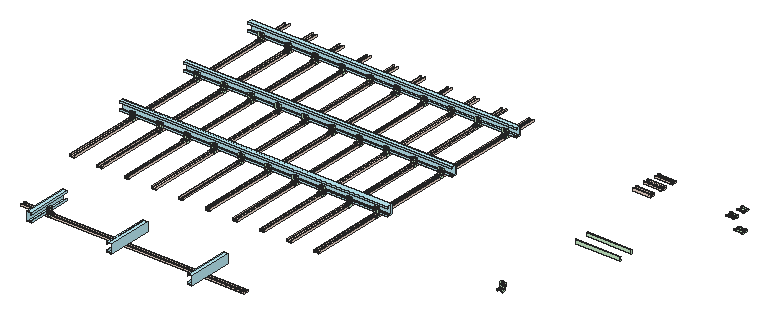
Revit family "KIRIIアジャストソエル(C100用)", category 機械設備, Revit 2020
Family settings
  丸型コネクタ寸法 = 直径を使用
  種別 = なし
  パーツ タイプ = 標準
  作業面ベース = いいえ
  常に垂直 = はい
  ロード時にボイドで切り取り = いいえ
  共有 = いいえ
  部屋計算ポイント = いいえ
Parameters
  製造元 = "株式会社桐井製作所"
  既定の高さ = 0 mm
  URL = "https://www.kirii.co.jp/"
  K_名称 = "KIRIIアジャストソエル（C100用）"
  K_バージョン情報 = "20240321"
Reference planes
  plane 1 "中心(正面/背面)": y = 0
  plane 2: z = 0
  plane 3 "中心(左/右)": x = 0
  plane 4: z = 19
Lines and regions (mm)
  model lines
    curve 1: line (3467.807, 3284.555, 0) -> (5693.268, 3284.555, 0)
    curve 2: line (5693.268, 2254.555, 0) -> (3467.807, 2254.555, 0)
    curve 3: line (3467.807, 3284.555, 0) -> (3467.807, 2254.555, 0)
    curve 4: line (3467.807, 2054.555, 0) -> (5217.807, 2054.555, 0)
    curve 5: line (5217.807, 1024.555, 0) -> (3467.807, 1024.555, 0)
    curve 6: line (3467.807, 2054.555, 0) -> (3467.807, 1024.555, 0)
    curve 7: line (5217.807, 2054.555, 0) -> (5217.807, 1024.555, 0)
    curve 8: line (3267.807, -1455.445, 0) -> (-432.193, -1455.445, 0)
    curve 9: line (-432.193, -425.445, 0) -> (-432.193, -1455.445, 0)
    curve 10: line (3267.807, -425.445, 0) -> (3267.807, -1455.445, 0)
    curve 11: line (3467.807, 824.555, 0) -> (5217.807, 824.555, 0)
    curve 12: line (5217.807, -205.445, 0) -> (3467.807, -205.445, 0)
    curve 13: line (3467.807, 824.555, 0) -> (3467.807, -205.445, 0)
    curve 14: line (5217.807, 824.555, 0) -> (5217.807, -205.445, 0)
    curve 15: line (5417.807, 2054.555, 0) -> (7167.807, 2054.555, 0)
    curve 16: line (7167.807, 1024.555, 0) -> (5417.807, 1024.555, 0)
    curve 17: line (5417.807, 2054.555, 0) -> (5417.807, 1024.555, 0)
    curve 18: line (7167.807, 2054.555, 0) -> (7167.807, 1024.555, 0)
    curve 19: line (5693.268, 3284.555, 0) -> (5693.268, 2254.555, 0)
    curve 20: line (-432.193, -425.445, -24.89) -> (3267.807, -425.445, -24.89)
Text (mm)
  text "アジャストソエル(支持構造部：C100×50×20×2.3)\n※『天井下地強度検討書(アジャストソエル)』の計算結果を参照し、天井仕様に反映下さい。" at (-488.376, 3567.466, 0), in view "{3D}"
  text "ジョイント等の施工規定については、施工要領書をご確認ください。\n●URL：アジャストソエル\nhttps://www.kirii.co.jp/download/dw/sekou/sekou_adjust-soeru.pdf" at (5569.627, -1592.172, 0), in view "{3D}"
  text "クリップ" at (3607.293, 687.828, 0), in view "{3D}"
  text "・アジャストソエル" at (3707.619, 505.328, 0), in view "{3D}"
  text "セルフドリリングビス" at (5557.293, 1917.828, 0), in view "{3D}"
  text "・KIRII耐震ビス\n（4.2×16)" at (5657.619, 1735.328, 0), in view "{3D}"
  text "補強野縁受け" at (3607.293, 1917.828, 0), in view "{3D}"
  text "・CC-19" at (3707.619, 1735.328, 0), in view "{3D}"
  text "・CC-25" at (3707.619, 1575.328, 0), in view "{3D}"
  text "野縁および使用するジョイント" at (3607.293, 3147.828, 0), in view "{3D}"
  text "隣り合うジョイント位置は1ｍ以上離して千鳥状に配置する。" at (3707.619, 2355.395, -0.101), in view "{3D}"
  text "・CW-25" at (3707.619, 2814.31, -0.101), in view "{3D}"
  text "・CW-19" at (3707.619, 2964.31, -0.101), in view "{3D}"
  text "・25型Wバー（0.8）" at (3707.619, 2663.06, -0.101), in view "{3D}"
  text "+CW-25用ジョイント" at (4627.619, 2814.31, -0.101), in view "{3D}"
  text "+CW-19用ジョイント" at (4627.619, 2964.31, -0.101), in view "{3D}"
  text "+25型Wバー（0.8）ジョイント" at (4627.619, 2663.06, -0.101), in view "{3D}"
  text "壁際の納まり" at (-273.195, -486.515, -4669.576), in view "{3D}"
  text "壁際の支持構造部は、C鋼の腹側が室内側を向くように配置する" at (-270.648, -1339.605, 5.03), in view "{3D}"
  text "壁際" at (91.852, -899.69, 5.03), in view "{3D}"
  text "・KIRII耐震ビス\n（4.8×25)" at (5657.619, 1515.328, 0), in view "{3D}"
  text "壁際の納まり" at (-273.195, -486.515, -29.573), in view "{3D}"
Dimensions and locks
  aligned and locked: level to plane 2
Nested families
  nested 1: "CW-19" at (68.432, 0, 0) x (0, 1, 0) z (0, 0, 1), type "CW-19"
    with K_長さ(mm) 3000 mm, K_JIS外 no, K_JIS yes
  nested 2: "CW-19" at (371.432, 0, 0) x (0, 1, 0) z (0, 0, 1), type "CW-19"
    with K_長さ(mm) 3000 mm, K_JIS外 no, K_JIS yes
  nested 3: "CW-19" at (674.432, 0, 0) x (0, 1, 0) z (0, 0, 1), type "CW-19"
    with K_長さ(mm) 3000 mm, K_JIS外 no, K_JIS yes
  nested 4: "CW-19" at (977.432, 0, 0) x (0, 1, 0) z (0, 0, 1), type "CW-19"
    with K_長さ(mm) 3000 mm, K_JIS外 no, K_JIS yes
  nested 5: "CW-19" at (1280.432, 0, 0) x (0, 1, 0) z (0, 0, 1), type "CW-19"
    with K_長さ(mm) 3000 mm, K_JIS外 no, K_JIS yes
  nested 6: "CW-19" at (1583.432, 0, 0) x (0, 1, 0) z (0, 0, 1), type "CW-19"
    with K_長さ(mm) 3000 mm, K_JIS外 no, K_JIS yes
  nested 7: "CW-19" at (1886.432, 0, 0) x (0, 1, 0) z (0, 0, 1), type "CW-19"
    with K_長さ(mm) 3000 mm, K_JIS外 no, K_JIS yes
  nested 8: "CW-19" at (2189.432, 0, 0) x (0, 1, 0) z (0, 0, 1), type "CW-19"
    with K_長さ(mm) 3000 mm, K_JIS外 no, K_JIS yes
  nested 9: "CW-19" at (2492.432, 0, 0) x (0, 1, 0) z (0, 0, 1), type "CW-19"
    with K_長さ(mm) 3000 mm, K_JIS外 no, K_JIS yes
  nested 10: "CW-19" at (2795.432, 0, 0) x (0, 1, 0) z (0, 0, 1), type "CW-19"
    with K_長さ(mm) 3000 mm, K_JIS外 no, K_JIS yes
  nested 11: "アジャストソエル" at (68.434, 2635.158, 22.55), type "アジャストソエル"
  nested 12: "アジャストソエル" at (371.434, 2635.158, 22.55), type "アジャストソエル"
  nested 13: "アジャストソエル" at (674.434, 2635.158, 22.55), type "アジャストソエル"
  nested 14: "アジャストソエル" at (977.434, 2635.158, 22.55), type "アジャストソエル"
  nested 15: "アジャストソエル" at (1280.434, 2635.158, 22.55), type "アジャストソエル"
  nested 16: "アジャストソエル" at (1583.434, 2635.158, 22.55), type "アジャストソエル"
  nested 17: "アジャストソエル" at (1886.434, 2635.158, 22.55), type "アジャストソエル"
  nested 18: "アジャストソエル" at (2189.434, 2635.158, 22.55), type "アジャストソエル"
  nested 19: "アジャストソエル" at (2492.434, 2635.158, 22.55), type "アジャストソエル"
  nested 20: "アジャストソエル" at (2795.434, 2635.158, 22.55), type "アジャストソエル"
  nested 21: "アジャストソエル" at (68.434, 1735.161, 22.55), type "アジャストソエル"
  nested 22: "アジャストソエル" at (371.434, 1735.161, 22.55), type "アジャストソエル"
  nested 23: "アジャストソエル" at (674.434, 1735.161, 22.55), type "アジャストソエル"
  nested 24: "アジャストソエル" at (977.434, 1735.161, 22.55), type "アジャストソエル"
  nested 25: "アジャストソエル" at (1280.434, 1735.161, 22.55), type "アジャストソエル"
  nested 26: "アジャストソエル" at (1583.434, 1735.161, 22.55), type "アジャストソエル"
  nested 27: "アジャストソエル" at (1886.434, 1735.161, 22.55), type "アジャストソエル"
  nested 28: "アジャストソエル" at (2189.434, 1735.161, 22.55), type "アジャストソエル"
  nested 29: "アジャストソエル" at (2492.434, 1735.161, 22.55), type "アジャストソエル"
  nested 30: "アジャストソエル" at (2795.434, 1735.161, 22.55), type "アジャストソエル"
  nested 31: "アジャストソエル" at (68.434, 837.961, 22.55), type "アジャストソエル"
  nested 32: "アジャストソエル" at (371.434, 837.961, 22.55), type "アジャストソエル"
  nested 33: "アジャストソエル" at (674.434, 837.961, 22.55), type "アジャストソエル"
  nested 34: "アジャストソエル" at (977.434, 837.961, 22.55), type "アジャストソエル"
  nested 35: "アジャストソエル" at (1280.434, 837.961, 22.55), type "アジャストソエル"
  nested 36: "アジャストソエル" at (1583.434, 837.961, 22.55), type "アジャストソエル"
  nested 37: "アジャストソエル" at (1886.434, 837.961, 22.55), type "アジャストソエル"
  nested 38: "アジャストソエル" at (2189.434, 837.961, 22.55), type "アジャストソエル"
  nested 39: "アジャストソエル" at (2492.434, 837.961, 22.55), type "アジャストソエル"
  nested 40: "アジャストソエル" at (2795.434, 837.961, 22.55), type "アジャストソエル"
  nested 41: "(JIS)100×50×20×2.3" at (-82.193, 2691.54, 135) x (0, -1, 0) z (1, 0, 0), type "(JIS)100×50×20×2.3"
    with K_長さ(mm) 3000 mm
  nested 42: "(JIS)100×50×20×2.3" at (-82.193, 1791.543, 135) x (0, -1, 0) z (1, 0, 0), type "(JIS)100×50×20×2.3"
    with K_長さ(mm) 3000 mm
  nested 43: "(JIS)100×50×20×2.3" at (-82.193, 894.343, 135) x (0, -1, 0) z (1, 0, 0), type "(JIS)100×50×20×2.3"
    with K_長さ(mm) 3000 mm
  nested 44: "CC-19" at (4954.307, 1698.555, 0) x (0, 1, 0) z (0, 0, 1), type "CC-19"
    with K_長さ(mm) 500 mm
  nested 45: "CC-25" at (4957.3, 1538.776, 0) x (0, 1, 0) z (0, 0, 1), type "CC-25"
    with K_長さ(mm) 500 mm
  nested 46: "CW-19用ジョイント" at (5227.658, 2913.211, 0), type "CW-19用ジョイント"
    with K_JIS外 no, K_JIS yes
  nested 47: "CW-25用ジョイント" at (5228.587, 2764.406, 0), type "CW-25用ジョイント"
    with K_JIS外 no, K_JIS yes
  nested 48: "CW-19" at (4262.587, 2912.277, 0), type "CW-19"
    with K_長さ(mm) 200 mm, K_JIS外 no, K_JIS yes
  nested 49: "CW-25" at (4262.587, 2764.406, 0), type "CW-25"
    with K_長さ(mm) 200 mm, K_JIS外 no, K_JIS yes
  nested 50: "25形Wバー(0.8)" at (4257.807, 2614.555, 0), type "25形Wバー(0.8)"
    with K_長さ(mm) 200 mm
  nested 51: "25形Wバー(0.8）ジョイント" at (5437.807, 2609.555, 0), type "25形Wバー(0.8）ジョイント"
  nested 52: "CW-19" at (257.807, -939.063, 0), type "CW-19"
    with K_長さ(mm) 2500 mm, K_JIS外 no, K_JIS yes
  nested 53: "アジャストソエル" at (2298.621, -939.065, 22.55) x (0, -1, 0) z (0, 0, 1), type "アジャストソエル"
  nested 54: "アジャストソエル" at (1398.625, -939.065, 22.55) x (0, -1, 0) z (0, 0, 1), type "アジャストソエル"
  nested 55: "(JIS)100×50×20×2.3" at (2355.003, -683.438, 135) x (-1, 0, 0) z (0, -1, 0), type "(JIS)100×50×20×2.3"
    with K_長さ(mm) 500 mm
  nested 56: "(JIS)100×50×20×2.3" at (1455.007, -683.438, 135) x (-1, 0, 0) z (0, -1, 0), type "(JIS)100×50×20×2.3"
    with K_長さ(mm) 500 mm
  nested 57: "アジャストソエル" at (564.189, -939.065, 22.55) x (0, -1, 0) z (0, 0, 1), type "アジャストソエル"
  nested 58: "(JIS)100×50×20×2.3" at (507.807, -683.438, 135) x (1, 0, 0) z (0, -1, 0), type "(JIS)100×50×20×2.3"
    with K_長さ(mm) 500 mm
  nested 59: "アジャストソエル" at (4484.528, 490.366, 22.55), type "アジャストソエル"
Definition of nested family "CW-19"
  Parameters (values of type "CW-19")
    Manufacturer = "株式会社桐井製作所"
    Default Elevation = 0 mm
    URL = "https://www.kirii.co.jp/"
    K_長さ(mm) [instance] = 1000 mm
    K_材質 = "SGCC　一般用"
    K_断面積A(mm2) = 49
    K_断面係数Zy(mm3) = 768.8
    K_断面係数Zx(mm3) = 184.8
    K_断面2次半径iy(mm) = 19.8
    K_断面2次半径ix(mm) = 7
    K_断面2次モーメントIy(mm4) = 19220
    K_断面2次モーメントIx(mm4) = 2395
    K_外形寸法(mm) = "19×50×0.5"
    K_品名 = "CW-19"
    K_名称 = "野縁"
    K_単位質量(kg/m) = 0.403
    K_ヤング係数E(N/mm2) = 205000
    K_バージョン情報 = "20210524"
    K_めっき付着量 = "Z12"
    K_JIS規格 = "JIS G 3302"
    K_JIS外 [instance] = not(K_JIS)  # no
    K_JIS [instance] = yes
  Reference planes
    plane 1 "中心(正面/背面)": y = 0
    plane 2: z = 0
    plane 3 "中心(左/右)": x = 0
    plane 4: x = 1000
    plane 5: y = 25
    plane 6: y = -25
    plane 7: z = 19
  Forms (mm)
    Extrusion 1, solid
      sketch origin (0, 0, 0) x (0, -1, 0) y (0, 0, 1)
        loop
          line (-25, 0) -> (-20.2, 0) -> (-19.052, 0.5) -> (-11.148, 0.5) -> (-10, 0) -> (10, 0) -> (11.148, 0.5) -> (19.052, 0.5) -> (20.2, 0) -> (25, 0) -> (25, 19) -> (21, 19) -> (21, 16.246) -> (21.5, 15.532) -> (21.5, 18.5) -> (24.5, 18.5) -> (24.5, 0.5) -> (20.304, 0.5) -> (19.156, 1) -> (11.044, 1) -> (9.896, 0.5) -> (-9.896, 0.5) -> (-11.044, 1) -> (-19.156, 1) -> (-20.304, 0.5) -> (-24.5, 0.5) -> (-24.5, 18.5) -> (-21.5, 18.5) -> (-21.5, 15.532) -> (-21, 16.246) -> (-21, 19) -> (-25, 19) -> (-25, 0)
      from 0 to -1000
    Extrusion 2, void
      sketch origin (0, 0, 0) x (0, 1, 0) y (0, 0, 1)
        loop
          line (-21.893, 16.282) -> (-21.893, 14.539) -> (22.033, 14.539) -> (22.033, 16.282) -> (-21.893, 16.282)
      from 0 to 1000
  Cuts and joins
    Extrusion 2 cuts Extrusion 1
  Dimensions and locks
    "K_長さ(mm)": plane 3 "中心(左/右)" to plane 4
    aligned and locked: level to plane 2
    aligned and locked: plane 4 to Extrusion 1
    aligned and locked: Extrusion 1 to Extrusion 2
    aligned and locked: Extrusion 2 to plane 3 "中心(左/右)"
  Automatic sketch dimensions
    plane 6 to Extrusion 2 sketch curve = 3.107 mm
    Extrusion 2 sketch curve to plane 5 = 2.967 mm
    Extrusion 2 sketch curve to Extrusion 2 sketch curve = 1.744 mm
    Extrusion 2 sketch curve to plane 7 = 4.461 mm
    Extrusion 1 sketch curve to level = 0 mm  (x3)
    Extrusion 1 sketch curve to plane 5 = 0 mm
    Extrusion 1 sketch curve to plane 6 = 0 mm
    Extrusion 1 sketch curve to plane 5 = 0.5 mm
    Extrusion 1 sketch curve to plane 5 = 3.5 mm
    Extrusion 1 sketch curve to Extrusion 1 sketch curve = 0.5 mm  (x2)
    level to Extrusion 1 sketch curve = 0.5 mm  (x5)
    Extrusion 1 sketch curve to Extrusion 1 sketch curve = 4.196 mm
    Extrusion 1 sketch curve to Extrusion 1 sketch curve = 0.104 mm  (x8)
    level to Extrusion 1 sketch curve = 1 mm  (x2)
    Extrusion 1 sketch curve to Extrusion 1 sketch curve = 1.148 mm  (x4)
    Extrusion 1 sketch curve to Extrusion 1 sketch curve = 7.903 mm
    plane 1 "中心(正面/背面)" to Extrusion 1 sketch curve = 9.896 mm
    plane 6 to Extrusion 1 sketch curve = 5.948 mm
    plane 6 to Extrusion 1 sketch curve = 4 mm
    plane 6 to Extrusion 1 sketch curve = 0.5 mm
    Extrusion 1 sketch curve to plane 7 = 3.468 mm  (x2)
    Extrusion 1 sketch curve to Extrusion 1 sketch curve = 0.714 mm  (x2)
    Extrusion 1 sketch curve to plane 7 = 0.5 mm  (x2)
    Extrusion 1 sketch curve to plane 7 = 0 mm  (x2)
Definition of nested family "アジャストソエル"
  Parameters (values of type "アジャストソエル")
    Manufacturer = "株式会社桐井製作所"
    Default Elevation = 0 mm
    URL = "https://www.kirii.co.jp/"
    K_許容荷重(鉛直)(N) = 1100
    K_許容荷重(水平)(N) = 370
    K_品名 = "アジャストソエル"
    K_名称 = "野縁直付天井用クリップ"
    K_入数 = "50"
    K_バージョン情報 = "20211216"
  Reference planes
    plane 1 "中心(正面/背面)": y = 0
    plane 2: z = 0
    plane 3 "中心(左/右)": x = 0
  Forms (mm)
    Extrusion 1, solid
      sketch origin (0, 0, 0) x (0, 1, 0) y (0, 0, 1)
        loop
          arc (-1.7, -2.3) -> (1.128, -1.128) -> (2.3, 1.7) r 4
          line (2.3, 1.7) -> (2.3, 62.7) -> (0, 62.7) -> (0, 1.7)
          arc (0, 1.7) -> (-0.498, 0.498) -> (-1.7, 0) r 1.7
          line (-1.7, 0) -> (-42, 0) -> (-42, -2.3) -> (-1.7, -2.3)
      from -25 to 25
    Extrusion 2, solid
      sketch origin (0, 0, -2.3) x (1, 0, 0) y (0, 0, 1)
        loop
          line (-25.25, -17.7) -> (-25.25, 0) -> (25.25, 0) -> (25.25, -17.7) -> (27.55, -17.7) -> (27.55, -0.2)
          arc (27.55, -0.2) -> (26.818, 1.568) -> (25.05, 2.3) r 2.5
          line (25.05, 2.3) -> (-25.05, 2.3)
          arc (-25.05, 2.3) -> (-26.818, 1.568) -> (-27.55, -0.2) r 2.5
          line (-27.55, -0.2) -> (-27.55, -17.7) -> (-25.25, -17.7)
      from 2 to 42
    Extrusion 3, void
      sketch origin (0, 0, 0) x (1, 0, 0) y (0, 0, 1)
        loop
          line (-22.045, 62.7) -> (-25, 62.7) -> (-25, 59.7)
          arc (-25, 59.7) -> (-24.137, 61.806) -> (-22.045, 62.7) r 3
      from -2.3 to 0
    Extrusion 4, void
      sketch origin (0, 0, 0) x (1, 0, 0) y (0, 0, 1)
        loop
          line (25, 59.7) -> (25, 62.7) -> (22, 62.7)
          arc (22, 62.7) -> (24.121, 61.821) -> (25, 59.7) r 3
      from -2.3 to 0
    Extrusion 5, void
      sketch origin (0, 0, 0) x (1, 0, 0) y (0, 0, 1)
        loop
          arc (3.251, 52.698) -> (0.001, 55.948) -> (-3.249, 52.698) r 3.25
          line (-3.249, 52.698) -> (-3.249, 37.697)
          arc (-3.249, 37.697) -> (-0.05, 34.448) -> (3.251, 37.593) r 3.25
          line (3.251, 37.593) -> (3.251, 52.698)
        loop
          circle (0.004, 25.698) r 2.25
        loop
          circle (0.005, 12.698) r 2.25
      from -2.3 to 0
    Extrusion 6, void
      sketch origin (52.8, 0, 0) x (0, 1, 0) y (0, 0, 1)
        loop
          line (-42, -10) -> (-42, -20) -> (-32, -20) -> (-42, -10)
      from -27.55 to -25.25
    Extrusion 7, void
      sketch origin (52.8, 0, 0) x (0, 1, 0) y (0, 0, 1)
        loop
          line (-2, -20) -> (-2, -17)
          arc (-2, -17) -> (-2.879, -19.121) -> (-5, -20) r 3
          line (-5, -20) -> (-2, -20)
      from -27.55 to -25.25
    Extrusion 8, void
      sketch origin (0, 0, 0) x (0, 1, 0) y (0, 0, 1)
        loop
          line (-42, -10) -> (-42, -20) -> (-32, -20) -> (-42, -10)
      from -27.55 to -25.25
    Extrusion 9, void
      sketch origin (0, 0, 0) x (0, 1, 0) y (0, 0, 1)
        loop
          line (-2, -20) -> (-2, -17)
          arc (-2, -17) -> (-2.879, -19.121) -> (-5, -20) r 3
          line (-5, -20) -> (-2, -20)
      from -27.55 to -25.25
    Extrusion 10, void
      sketch origin (0, 0, 0) x (0, 1, 0) y (0, 0, 1)
        loop
          circle (-12, -9.1) r 2.25
      from -27.55 to -25.25
    Extrusion 11, void
      sketch origin (52.8, 0, 0) x (0, 1, 0) y (0, 0, 1)
        loop
          circle (-12, -9.1) r 2.25
      from -27.55 to -25.25
    Extrusion 12, void
      sketch origin (0, 0, 0) x (1, 0, 0) y (0, 1, 0)
        loop
          circle (0, -22) r 3.5
      from -2.3 to 0
    Extrusion 13, solid
      sketch origin (-152.832, -91.241, 38.712) x (1, 0, 0) y (0, 1, 0)
        loop
          arc (127.931, 97.991) -> (125.669, 97.053) -> (124.731, 94.791) r 3.2
          line (124.731, 94.791) -> (124.731, 84.49) -> (126.331, 84.49) -> (126.331, 94.791)
          arc (126.331, 94.791) -> (126.8, 95.922) -> (127.931, 96.391) r 1.6
          line (127.931, 96.391) -> (177.731, 96.391)
          arc (177.731, 96.391) -> (178.863, 95.922) -> (179.331, 94.791) r 1.6
          line (179.331, 94.791) -> (179.331, 84.49) -> (180.931, 84.49) -> (180.931, 94.791)
          arc (180.931, 94.791) -> (179.994, 97.053) -> (177.731, 97.991) r 3.2
          line (177.731, 97.991) -> (127.931, 97.991)
      from -22 to 22
    Extrusion 14, void
      sketch origin (-152.832, 0, 0) x (1, 0, 0) y (0, 0, 1)
        loop
          line (179.331, 35.912) -> (126.331, 35.912) -> (126.331, 16.712) -> (179.331, 16.712) -> (179.331, 35.912)
      from -6.75 to -5.15
    Extrusion 15, solid
      sketch origin (-152.832, 0, 0) x (1, 0, 0) y (0, 0, 1)
        loop
          circle (152.832, 52.715) r 4
        loop
          circle (152.832, 52.715) r 3
      from -7.95 to -5.15
    Extrusion 16, void
      sketch origin (-152.832, 0, 0) x (1, 0, 0) y (0, 0, 1)
        loop
          circle (152.832, 52.715) r 3
      from -6.75 to -5.15
    Extrusion 17, solid
      sketch origin (-0.019, -22.149, 103.153) x (1, 0, 0) y (0, 0, 1)
        loop
          arc (-18.445, -106.391) -> (-18.933, -106.494) -> (-19.329, -106.797) r 1.133
          line (-19.329, -106.797) -> (-19.911, -107.458)
          arc (-19.911, -107.458) -> (-20.243, -107.711) -> (-20.65, -107.801) r 0.967
          arc (-20.65, -107.801) -> (-21.066, -107.676) -> (-21.343, -107.342) r 0.753
          line (-21.343, -107.342) -> (-22.508, -104.601) -> (-23.583, -105.138) -> (-22.448, -107.811)
          arc (-22.448, -107.811) -> (-21.728, -108.677) -> (-20.65, -109.001) r 1.953
          arc (-20.65, -109.001) -> (-19.744, -108.802) -> (-19.004, -108.243) r 2.167
          line (-19.004, -108.243) -> (-18.429, -107.591) -> (18.47, -107.591) -> (19.042, -108.239)
          arc (19.042, -108.239) -> (19.782, -108.798) -> (20.688, -108.996) r 2.167
          arc (20.688, -108.996) -> (21.766, -108.672) -> (22.485, -107.806) r 1.953
          line (22.485, -107.806) -> (23.621, -105.132) -> (22.545, -104.596) -> (21.381, -107.337)
          arc (21.381, -107.337) -> (21.103, -107.671) -> (20.688, -107.796) r 0.753
          arc (20.688, -107.796) -> (20.281, -107.706) -> (19.949, -107.453) r 0.967
          line (19.949, -107.453) -> (19.367, -106.793)
          arc (19.367, -106.793) -> (18.932, -106.473) -> (18.399, -106.391) r 1.133
          line (18.399, -106.391) -> (-18.445, -106.391)
      from -17.649 to 17.351
    Extrusion 18, void
      sketch origin (0, 182.851, 103.153) x (1, 0, 0) y (0, 1, 0)
        loop
          line (19.556, -207.85) -> (0, -222.351) -> (23.602, -222.351) -> (23.602, -199.817)
          arc (23.602, -199.817) -> (22.532, -204.314) -> (19.556, -207.85) r 10
        loop
          line (-19.556, -201.853) -> (0, -187.351) -> (-23.602, -187.351) -> (-23.602, -209.885)
          arc (-23.602, -209.885) -> (-22.532, -205.389) -> (-19.556, -201.853) r 10
      from -109.407 to -104.239
    Extrusion 19, void
      sketch origin (0, 182.851, 104.091) x (1, 0, 0) y (0, 1, 0)
        loop
          circle (0, -204.851) r 3
      from -107.586 to -106.386
    Extrusion 20, solid
      sketch origin (-152.832, 0, 0) x (0, 1, 0) y (0, 0, 1)
        loop
          arc (8.35, 34.3) -> (7.219, 34.769) -> (6.75, 35.9) r 1.6
          line (6.75, 35.9) -> (6.75, 60.712) -> (5.15, 60.712) -> (5.15, 35.9)
          arc (5.15, 35.9) -> (5.579, 34.3) -> (6.75, 33.129) r 3.2
          arc (6.75, 33.129) -> (7.668, 32.774) -> (8.65, 32.714) r 3.2
          line (8.65, 32.714) -> (8.65, 19.1) -> (10.25, 19.1) -> (10.25, 32.3)
          arc (10.25, 32.3) -> (9.664, 33.714) -> (8.25, 34.3) r 2
      from 127.934 to 177.598
    Extrusion 21, void
      sketch origin (0, 0, 0) x (1, 0, 0) y (0, 0, 1)
        loop
          line (3.5, 19.1) -> (3.5, 35.912) -> (-3.5, 35.912) -> (-3.5, 19.1) -> (3.5, 19.1)
      from -10.25 to -5.15
  Cuts and joins
    Extrusion 3, Extrusion 4, Extrusion 5, Extrusion 6, Extrusion 7, Extrusion 8, Extrusion 9, Extrusion 11, Extrusion 12 cuts Extrusion 1
    Extrusion 4, Extrusion 5, Extrusion 6, Extrusion 7, Extrusion 8, Extrusion 9, Extrusion 10, Extrusion 11, Extrusion 12 cuts Extrusion 2
    joined: Extrusion 1, Extrusion 2
    Extrusion 14, Extrusion 16 cuts Extrusion 13
    Extrusion 16 cuts Extrusion 15
    Extrusion 18, Extrusion 19 cuts Extrusion 17
    Extrusion 21 cuts Extrusion 20
  Dimensions and locks
    aligned and locked: level to plane 2
  Nested families
    nested 1: "トリーマセムス(首下15mm)" at (0, 0, 52.896) x (-1, 0, 0) z (0, 0, 1), type "トリーマセムス(首下15mm)"
    nested 2: "トリーマセムス(首下15mm)" at (0, -22.2, -0.003) x (-1, 0, 0) z (0, -1, 0.0001), type "トリーマセムス(首下15mm)"
  Definition of nested family "トリーマセムス(首下15mm)"
    Parameters (values of type "トリーマセムス(首下15mm)")
      Manufacturer = "株式会社桐井製作所"
      Default Elevation = 0 mm
      URL = "https://www.kirii.co.jp/"
      K_名称 = "トリーマセムス(首下15mm)"
    Reference planes
      plane 1 "中心(正面/背面)": y = 0
      plane 2: z = 0
      plane 3 "中心(左/右)": x = 0
      plane 4 "正面": y = -4
    Forms (mm)
      Extrusion 1, solid
        sketch origin (0, 0, 0) x (1, 0, 0) y (0, 0, 1)
          loop
            line (-4.763, -2.946) -> (0, -5.696) -> (4.763, -2.946) -> (4.763, 2.554) -> (0, 5.304) -> (-4.763, 2.554) -> (-4.763, -2.946)
        from 0 to 4
      Extrusion 2, void
        sketch origin (0, -4, 0) x (-1, 0, 0) y (0, 0, 1)
          loop
            circle (0, -0.156) r 4.396
        from 0 to 1
      Extrusion 3, void
        sketch origin (0, -4, 0) x (-1, 0, 0) y (0, 0, 1)
          loop
            arc (-0.6, 1.814) -> (-1.069, 0.856) -> (-2.036, 0.404) r 1.605
            line (-2.036, 0.404) -> (-2.939, 0.404)
            arc (-2.939, 0.404) -> (-3, -0.195) -> (-2.94, -0.795) r 3
            line (-2.94, -0.795) -> (-2.049, -0.795)
            arc (-2.049, -0.795) -> (-1.074, -1.243) -> (-0.6, -2.206) r 1.605
            line (-0.6, -2.206) -> (-0.6, -3.135)
            arc (-0.6, -3.135) -> (0, -3.196) -> (0.6, -3.135) r 3
            line (0.6, -3.135) -> (0.6, -2.206)
            arc (0.6, -2.206) -> (1.074, -1.243) -> (2.049, -0.795) r 1.605
            line (2.049, -0.795) -> (2.94, -0.795)
            arc (2.94, -0.795) -> (3, -0.198) -> (2.941, 0.398) r 3
            line (2.941, 0.398) -> (2.117, 0.398)
            arc (2.117, 0.398) -> (1.098, 0.828) -> (0.6, 1.814) r 1.605
            line (0.6, 1.814) -> (0.6, 2.743)
            arc (0.6, 2.743) -> (0, 2.804) -> (-0.6, 2.743) r 3
            line (-0.6, 2.743) -> (-0.6, 1.814)
        from 0 to 2
      Extrusion 4, solid
        sketch origin (0, 0, 0) x (1, 0, 0) y (0, 0, 1)
          loop
            circle (-0.011, -0.2) r 3
        from 0 to -15
    Cuts and joins
      Extrusion 2, Extrusion 3 cuts Extrusion 1
      joined: Extrusion 1, Extrusion 4
    Dimensions and locks
      aligned and locked: level to plane 2
Definition of nested family "(JIS)100×50×20×2.3"
  Parameters (values of type "(JIS)100×50×20×2.3")
    Manufacturer = "株式会社桐井製作所"
    Default Elevation = 0 mm
    URL = "https://www.kirii.co.jp/"
    K_長さ(mm) [instance] = 1000 mm
    K_材質 = "SSC400"
    K_断面積A(mm2) = 517.2
    K_断面係数Zy(mm3) = 6058
    K_断面係数Zx(mm3) = 16130
    K_断面2次半径iy(mm) = 19.2
    K_断面2次半径ix(mm) = 39.5
    K_断面2次モーメントIy(mm4) = 190000
    K_断面2次モーメントIx(mm4) = 806900
    K_外形寸法(mm) = "100×50×20×2.3"
    K_品名 = "(JIS)100×50×20×2.3"
    K_名称 = "補強材"
    K_単位質量(kg/m) = 4.101
    K_ヤング係数E(N/mm2) = 205000
    K_バージョン情報 = "20210524"
    K_めっき付着量 = "Z12"
    K_JIS規格 = "JIS G 3350"
  Reference planes
    plane 1 "中心(正面/背面)": y = 0
    plane 2: z = 0
    plane 3 "中心(左/右)": x = 0
    plane 4: z = 1000
    plane 5: y = 100
  Forms (mm)
    Extrusion 1, solid
      sketch origin (0, 0, 0) x (1, 0, 0) y (0, 1, 0)
        loop
          line (0, 0) -> (50, 0) -> (50, 20) -> (47.7, 20) -> (47.7, 2.3) -> (2.3, 2.3) -> (2.3, 97.7) -> (47.7, 97.7) -> (47.7, 80) -> (50, 80) -> (50, 100) -> (0, 100) -> (0, 0)
      from 0 to 1000
  Dimensions and locks
    "K_長さ(mm)": plane 4 to plane 2
    aligned and locked: level to plane 2
    aligned and locked: plane 4 to Extrusion 1
    aligned and locked: plane 5 to Extrusion 1  (x2)
  Automatic sketch dimensions
    Extrusion 1 sketch curve to plane 3 "中心(左/右)" = 0 mm
    plane 1 "中心(正面/背面)" to Extrusion 1 sketch curve = 0 mm
    plane 3 "中心(左/右)" to Extrusion 1 sketch curve = 2.3 mm
    Extrusion 1 sketch curve to plane 1 "中心(正面/背面)" = 20 mm
    Extrusion 1 sketch curve to Extrusion 1 sketch curve = 45.4 mm  (x2)
    Extrusion 1 sketch curve to Extrusion 1 sketch curve = 2.3 mm  (x3)
    Extrusion 1 sketch curve to plane 1 "中心(正面/背面)" = 2.3 mm
    Extrusion 1 sketch curve to Extrusion 1 sketch curve = 60 mm
    Extrusion 1 sketch curve to Extrusion 1 sketch curve = 17.7 mm
Definition of nested family "CC-19"
  Parameters (values of type "CC-19")
    Manufacturer = "株式会社桐井製作所"
    Default Elevation = 0 mm
    URL = "https://www.kirii.co.jp/"
    K_長さ(mm) [instance] = 1000 mm
    K_材質 = "SGHC　一般用"
    K_断面積A(mm2) = 69
    K_断面係数Zy(mm3) = 91.5
    K_断面係数Zx(mm3) = 704.2
    K_断面2次半径iy(mm) = 3.5
    K_断面2次半径ix(mm) = 13.9
    K_断面2次モーメントIy(mm4) = 835.4
    K_断面2次モーメントIx(mm4) = 13380
    K_外形寸法(mm) = "38×12×1.2"
    K_品名 = "CC-19"
    K_名称 = "野縁受け"
    K_単位質量(kg/m) = 0.553
    K_ヤング係数E(N/mm2) = 205000
    K_バージョン情報 = "20210524"
    K_めっき付着量 = "Z12"
    K_JIS規格 = "JIS G 3302"
    K_JIS外 = not(K_JIS)  # no
    K_JIS = yes
  Reference planes
    plane 1 "中心(正面/背面)": y = 0
    plane 2: z = 0
    plane 3 "中心(左/右)": x = 0
    plane 4: y = 1000
    plane 5: z = 38
  Forms (mm)
    Extrusion 1, solid
      sketch origin (12, 0, 0) x (1, 0, 0) y (0, 0, 1)
        loop
          line (0, 38) -> (-12, 38) -> (-12, 0) -> (0, 0) -> (0, 1.2) -> (-10.8, 1.2) -> (-10.8, 36.8) -> (0, 36.8) -> (0, 38)
      from 0 to -1000
  Dimensions and locks
    "K_長さ(mm)": plane 1 "中心(正面/背面)" to plane 4
    aligned and locked: level to plane 2
    aligned and locked: Extrusion 1 to plane 4
  Automatic sketch dimensions
    Extrusion 1 sketch curve to plane 3 "中心(左/右)" = 0 mm
    Extrusion 1 sketch curve to plane 5 = 0 mm
    Extrusion 1 sketch curve to level = 0 mm
    level to Extrusion 1 sketch curve = 1.2 mm
    plane 3 "中心(左/右)" to Extrusion 1 sketch curve = 1.2 mm
    Extrusion 1 sketch curve to Extrusion 1 sketch curve = 1.2 mm
    Extrusion 1 sketch curve to Extrusion 1 sketch curve = 10.8 mm  (x2)
Definition of nested family "CC-25"
  Parameters (values of type "CC-25")
    Manufacturer = "株式会社桐井製作所"
    Default Elevation = 0 mm
    URL = "https://www.kirii.co.jp/"
    K_長さ(mm) [instance] = 1000 mm
    K_材質 = "SGHC　一般用"
    K_断面積A(mm2) = 91.1
    K_断面係数Zy(mm3) = 118.5
    K_断面係数Zx(mm3) = 910
    K_断面2次半径iy(mm) = 3.4
    K_断面2次半径ix(mm) = 13.8
    K_断面2次モーメントIy(mm4) = 1066
    K_断面2次モーメントIx(mm4) = 17290
    K_外形寸法(mm) = "38×12×1.6"
    K_品名 = "CC-25"
    K_名称 = "野縁受け"
    K_単位質量(kg/m) = 0.725
    K_ヤング係数E(N/mm2) = 205000
    K_バージョン情報 = "20210524"
    K_めっき付着量 = "Z12"
    K_JIS規格 = "JIS G 3302"
    K_JIS外 = not(K_JIS)  # no
    K_JIS = yes
  Reference planes
    plane 1 "中心(正面/背面)": y = 0
    plane 2: z = 0
    plane 3 "中心(左/右)": x = 0
    plane 4: y = 1000
    plane 5: x = 12
    plane 6: z = 38
  Forms (mm)
    Extrusion 1, solid
      sketch origin (12, 0, 0) x (1, 0, 0) y (0, 0, 1)
        loop
          line (0, 38) -> (-12, 38) -> (-12, 0) -> (0, 0) -> (0, 1.6) -> (-10.4, 1.6) -> (-10.4, 36.4) -> (0, 36.4) -> (0, 38)
      from 0 to -1000
  Dimensions and locks
    "K_長さ(mm)": plane 1 "中心(正面/背面)" to plane 4
    aligned and locked: level to plane 2
    aligned and locked: Extrusion 1 to plane 4
  Automatic sketch dimensions
    Extrusion 1 sketch curve to plane 3 "中心(左/右)" = 0 mm
    plane 5 to Extrusion 1 sketch curve = 0 mm  (x2)
    Extrusion 1 sketch curve to plane 6 = 0 mm
    Extrusion 1 sketch curve to level = 0 mm
    level to Extrusion 1 sketch curve = 1.6 mm
    plane 3 "中心(左/右)" to Extrusion 1 sketch curve = 1.6 mm
    Extrusion 1 sketch curve to Extrusion 1 sketch curve = 1.6 mm
Definition of nested family "CW-19用ジョイント"
  Parameters (values of type "CW-19用ジョイント")
    Manufacturer = "株式会社桐井製作所"
    Default Elevation = 0 mm
    URL = "https://www.kirii.co.jp/"
    K_材質 = "SGCC　一般用"
    K_品名 = "CW-19用ジョイント"
    K_名称 = "野縁ジョイント"
    K_単位質量(kg/個) = 0.029
    K_入数 = "200"
    K_バージョン情報 = "20210524"
    K_めっき付着量 = "Z12"
    K_JIS規格 = "JIS G 3302"
    K_JIS外 [instance] = not(K_JIS)  # no
    K_JIS [instance] = yes
  Reference planes
    plane 1 "中心(正面/背面)": y = 0
    plane 2: z = 0
    plane 3 "中心(左/右)": x = 0
  Forms (mm)
    Extrusion 1, solid
      sketch origin (0, 0, 0) x (0, 1, 0) y (0, 0, 1)
        loop
          line (20.385, 4.53) -> (-20.385, 4.53) -> (-21.352, 1.547)
          arc (-21.352, 1.547) -> (-22.967, 0.546) -> (-24.22, 1.976) r 1.47
          line (-24.22, 1.976) -> (-24.459, 16.547) -> (-25, 17.191) -> (-24.75, 1.967)
          arc (-24.75, 1.967) -> (-23.046, 0.022) -> (-20.847, 1.384) r 2
          line (-20.847, 1.384) -> (-20, 4) -> (20, 4) -> (20.847, 1.384)
          arc (20.847, 1.384) -> (23.046, 0.022) -> (24.75, 1.967) r 2
          line (24.75, 1.967) -> (25, 17.191) -> (24.459, 16.547) -> (24.22, 1.976)
          arc (24.22, 1.976) -> (22.967, 0.546) -> (21.352, 1.547) r 1.47
          line (21.352, 1.547) -> (20.385, 4.53)
      from -42.5 to 42.5
    Extrusion 2, solid
      sketch origin (0, -13.587, -0.882) x (0, 0.997137, -0.075613) y (0, 0.075613, 0.997137)
        loop
          arc (-12.378, 13.168) -> (-15.089, 9.905) -> (-11.826, 7.194) r 3
          line (-11.826, 7.194) -> (-12.378, 13.168)
      from -0.5 to 0
    Extrusion 3, void
      sketch origin (0, -13.071, 0.1) x (1, 0, 0) y (0, -0.008054, 0.999968)
        loop
          arc (0, 7.2) -> (3, 10.2) -> (0, 13.2) r 3
          line (0, 13.2) -> (0, 7.2)
      from 11 to 12
    Extrusion 4, void
      sketch origin (0, 0, 0) x (1, 0, 0) y (0, 0, 1)
        loop
          line (31.511, 17.191) -> (41.4, 9.1)
          arc (41.4, 9.1) -> (42.211, 8.063) -> (42.5, 6.778) r 3
          line (42.5, 6.778) -> (42.5, 17.191) -> (31.511, 17.191)
        loop
          line (-42.5, 17.191) -> (-42.5, 6.778)
          arc (-42.5, 6.778) -> (-42.211, 8.063) -> (-41.4, 9.1) r 3
          line (-41.4, 9.1) -> (-31.511, 17.191) -> (-42.5, 17.191)
      from -26 to 26
  Cuts and joins
    Extrusion 3, Extrusion 4 cuts Extrusion 1
    joined: Extrusion 1, Extrusion 2
  Dimensions and locks
    aligned and locked: level to plane 2
Definition of nested family "CW-25用ジョイント"
  Parameters (values of type "CW-25用ジョイント")
    Manufacturer = "株式会社桐井製作所"
    Default Elevation = 0 mm
    URL = "https://www.kirii.co.jp/"
    K_材質 = "SGCC　一般用"
    K_品名 = "CW-25用ジョイント"
    K_名称 = "野縁ジョイント"
    K_単位質量(kg/個) = 0.037
    K_入数 = "160"
    K_バージョン情報 = "20210524"
    K_めっき付着量 = "Z12"
    K_JIS規格 = "JIS G 3302"
    K_JIS外 [instance] = not(K_JIS)  # no
    K_JIS [instance] = yes
  Reference planes
    plane 1 "中心(正面/背面)": y = 0
    plane 2: z = 0
    plane 3 "中心(左/右)": x = 0
  Forms (mm)
    Extrusion 1, solid
      sketch origin (0, 0, 0.154) x (0, 1, 0) y (0, 0, 1)
        loop
          line (-17.76, 3.009) -> (0, 3.009) -> (17.76, 3.009)
          arc (17.76, 3.009) -> (21.125, 0.011) -> (24.25, 3.259) r 3.25
          line (24.25, 3.259) -> (26, 22.64) -> (25.448, 22.088) -> (23.702, 2.745)
          arc (23.702, 2.745) -> (20.955, 0.509) -> (18.283, 2.833) r 2.75
          arc (18.283, 2.833) -> (18.013, 3.317) -> (17.493, 3.509) r 0.8
          line (17.493, 3.509) -> (0, 3.509) -> (-17.493, 3.509)
          arc (-17.493, 3.509) -> (-18.013, 3.317) -> (-18.283, 2.833) r 0.8
          arc (-18.283, 2.833) -> (-20.955, 0.509) -> (-23.702, 2.745) r 2.75
          line (-23.702, 2.745) -> (-25.449, 22.093) -> (-26.001, 22.645) -> (-24.25, 3.259)
          arc (-24.25, 3.259) -> (-21.125, 0.011) -> (-17.76, 3.009) r 3.25
      from -46 to 46
    Extrusion 2, solid
      sketch origin (0.25, -13.587, -0.748) x (0, 0.997137, -0.075613) y (0, 0.075613, 0.997137)
        loop
          arc (-13.166, 16.596) -> (-15.63, 13.142) -> (-12.176, 10.678) r 3
          line (-12.176, 10.678) -> (-13.166, 16.596)
      from -0.5 to 0
    Extrusion 3, void
      sketch origin (-0.27, -13.382, 23.939) x (-1, 0, 0) y (0, -0.008054, -0.999968)
        loop
          arc (-0.02, 7.239) -> (2.974, 10.239) -> (-0.02, 13.239) r 3
          line (-0.02, 13.239) -> (-0.02, 7.239)
      from 10.527 to 12.242
    Extrusion 4, void
      sketch origin (0, 0, 0) x (1, 0, 0) y (0, 0, 1)
        loop
          arc (44.462, 18.434) -> (45.58, 17.513) -> (46, 16.126) r 2.5
          line (46, 16.126) -> (46, 22.793) -> (33, 22.793)
          arc (33, 22.793) -> (33.981, 22.696) -> (34.923, 22.408) r 5
          line (34.923, 22.408) -> (44.462, 18.434)
        loop
          arc (-34.923, 22.408) -> (-33.981, 22.696) -> (-33, 22.793) r 5
          line (-33, 22.793) -> (-46, 22.793) -> (-46, 16.126)
          arc (-46, 16.126) -> (-45.58, 17.513) -> (-44.462, 18.434) r 2.5
          line (-44.462, 18.434) -> (-34.923, 22.408)
      from -26.529 to 26.374
  Cuts and joins
    Extrusion 3, Extrusion 4 cuts Extrusion 1
    joined: Extrusion 1, Extrusion 2
  Dimensions and locks
    aligned and locked: level to plane 2
Definition of nested family "CW-25"
  Parameters (values of type "CW-25")
    Manufacturer = "株式会社桐井製作所"
    Default Elevation = 0 mm
    URL = "https://www.kirii.co.jp/"
    K_長さ(mm) [instance] = 1000 mm
    K_材質 = "SGCC　一般用"
    K_断面積A(mm2) = 55
    K_断面係数Zy(mm3) = 921.6
    K_断面係数Zx(mm3) = 276.5
    K_断面2次半径iy(mm) = 20.5
    K_断面2次半径ix(mm) = 9.1
    K_断面2次モーメントIy(mm4) = 23040
    K_断面2次モーメントIx(mm4) = 4578
    K_外形寸法(mm) = "25×50×0.5"
    K_品名 = "CW-25"
    K_名称 = "野縁"
    K_単位質量(kg/m) = 0.452
    K_ヤング係数E(N/mm2) = 205000
    K_バージョン情報 = "20210524"
    K_めっき付着量 = "Z12"
    K_JIS規格 = "JIS G 3302"
    K_JIS外 [instance] = not(K_JIS)  # no
    K_JIS [instance] = yes
  Reference planes
    plane 1 "中心(正面/背面)": y = 0
    plane 2: z = 0
    plane 3 "中心(左/右)": x = 0
    plane 4: x = 1000
    plane 5: z = 25
    plane 6: y = 25
    plane 7: y = -25
  Forms (mm)
    Extrusion 1, solid
      sketch origin (0, 0, 0) x (0, -1, 0) y (0, 0, 1)
        loop
          line (-25, 0) -> (-20.2, 0) -> (-19.052, 0.5) -> (-11.148, 0.5) -> (-10, 0) -> (10, 0) -> (11.148, 0.5) -> (19.052, 0.5) -> (20.2, 0) -> (25, 0) -> (25, 25) -> (21, 25) -> (21, 22.3) -> (21.5, 21.586) -> (21.5, 24.5) -> (24.5, 24.5) -> (24.5, 0.5) -> (20.304, 0.5) -> (19.156, 1) -> (11.044, 1) -> (9.896, 0.5) -> (-9.896, 0.5) -> (-11.044, 1) -> (-19.156, 1) -> (-20.304, 0.5) -> (-24.5, 0.5) -> (-24.5, 24.5) -> (-21.5, 24.5) -> (-21.5, 21.586) -> (-21, 22.3) -> (-21, 25) -> (-25, 25) -> (-25, 0)
      from 0 to -1000
    Extrusion 2, void
      sketch origin (0, 0, 0) x (0, 1, 0) y (0, 0, 1)
        loop
          line (-21.893, 22.336) -> (-21.893, 20.592) -> (22.033, 20.592) -> (22.033, 22.336) -> (-21.893, 22.336)
      from 0 to 1000
  Cuts and joins
    Extrusion 2 cuts Extrusion 1
  Dimensions and locks
    plane 5 to level = 25 mm
    "K_長さ(mm)": plane 3 "中心(左/右)" to plane 4
    aligned and locked: level to plane 2
    aligned and locked: plane 4 to Extrusion 1
    aligned and locked: Extrusion 1 to Extrusion 2
    aligned and locked: Extrusion 2 to plane 3 "中心(左/右)"
  Automatic sketch dimensions
    Extrusion 1 sketch curve to level = 0 mm  (x3)
    Extrusion 1 sketch curve to plane 6 = 0 mm
    Extrusion 1 sketch curve to plane 5 = 0 mm  (x2)
    Extrusion 1 sketch curve to plane 7 = 0 mm
    Extrusion 1 sketch curve to plane 6 = 0.5 mm
    Extrusion 1 sketch curve to plane 5 = 0.5 mm  (x2)
    Extrusion 1 sketch curve to Extrusion 1 sketch curve = 3 mm
    Extrusion 1 sketch curve to Extrusion 1 sketch curve = 0.5 mm  (x2)
    level to Extrusion 1 sketch curve = 0.5 mm  (x5)
    Extrusion 1 sketch curve to Extrusion 1 sketch curve = 4.196 mm
    Extrusion 1 sketch curve to Extrusion 1 sketch curve = 0.104 mm  (x8)
    level to Extrusion 1 sketch curve = 1 mm  (x2)
    Extrusion 1 sketch curve to Extrusion 1 sketch curve = 1.148 mm  (x4)
    Extrusion 1 sketch curve to Extrusion 1 sketch curve = 7.903 mm
    plane 1 "中心(正面/背面)" to Extrusion 1 sketch curve = 9.896 mm
    plane 7 to Extrusion 1 sketch curve = 5.948 mm
    plane 7 to Extrusion 1 sketch curve = 4 mm
    plane 7 to Extrusion 1 sketch curve = 0.5 mm
    Extrusion 1 sketch curve to plane 5 = 3.414 mm
    Extrusion 1 sketch curve to Extrusion 1 sketch curve = 0.714 mm  (x2)
    Extrusion 1 sketch curve to Extrusion 1 sketch curve = 2.2 mm
    plane 7 to Extrusion 2 sketch curve = 3.107 mm
    Extrusion 2 sketch curve to plane 6 = 2.967 mm
    Extrusion 2 sketch curve to plane 5 = 4.408 mm
    Extrusion 2 sketch curve to Extrusion 2 sketch curve = 1.744 mm
Definition of nested family "25形Wバー(0.8)"
  Parameters (values of type "25形Wバー(0.8)")
    Manufacturer = "株式会社桐井製作所"
    Default Elevation = 0 mm
    URL = "https://www.kirii.co.jp/"
    K_長さ(mm) [instance] = 1000 mm
    K_材質 = "SGCC一般用　SGC340~570高強度一般用"
    K_断面積A(mm2) = 86.4
    K_断面係数Zy(mm3) = 1434
    K_断面係数Zx(mm3) = 410
    K_断面2次半径iy(mm) = 20.4
    K_断面2次半径ix(mm) = 8.9
    K_断面2次モーメントIy(mm4) = 35870
    K_断面2次モーメントIx(mm4) = 6852
    K_外形寸法(mm) = "25×50×0.8"
    K_品名 = "25形Wバー(0.8)"
    K_名称 = "一般野縁"
    K_単位質量(kg/m) = 0.698
    K_ヤング係数E(N/mm2) = 205000
    K_バージョン情報 = "20210714"
    K_めっき付着量 = "Z12"
    K_JIS規格 = "JIS G 3302"
  Reference planes
    plane 1 "中心(正面/背面)": y = 0
    plane 2: z = 0
    plane 3 "中心(左/右)": x = 0
    plane 4: x = 1000
    plane 5: z = 25
    plane 6: y = 25
    plane 7: y = -25
  Forms (mm)
    Extrusion 1, solid
      sketch origin (0, 0, 0) x (0, -1, 0) y (0, 0, 1)
        loop
          line (-25, 0) -> (-20.2, 0) -> (-19.052, 0.5) -> (-11.148, 0.5) -> (-10, 0) -> (10, 0) -> (11.148, 0.5) -> (19.052, 0.5) -> (20.2, 0) -> (25, 0) -> (25, 25) -> (20, 25) -> (20, 22) -> (20.8, 22) -> (20.8, 24.2) -> (24.2, 24.2) -> (24.2, 0.8) -> (20.367, 0.8) -> (19.218, 1.3) -> (10.982, 1.3) -> (9.833, 0.8) -> (-9.833, 0.8) -> (-10.982, 1.3) -> (-19.218, 1.3) -> (-20.367, 0.8) -> (-24.2, 0.8) -> (-24.2, 24.2) -> (-20.8, 24.2) -> (-20.8, 22) -> (-20, 22) -> (-20, 25) -> (-25, 25) -> (-25, 0)
      from 0 to -1000
  Dimensions and locks
    plane 5 to level = 25 mm
    "K_長さ(mm)": plane 3 "中心(左/右)" to plane 4
    aligned and locked: level to plane 2
    aligned and locked: plane 4 to Extrusion 1
  Automatic sketch dimensions
    Extrusion 1 sketch curve to level = 0 mm  (x3)
    Extrusion 1 sketch curve to plane 6 = 0 mm
    Extrusion 1 sketch curve to plane 5 = 0 mm  (x2)
    Extrusion 1 sketch curve to plane 7 = 0 mm
    Extrusion 1 sketch curve to plane 6 = 0.8 mm
    Extrusion 1 sketch curve to plane 5 = 0.8 mm  (x2)
    Extrusion 1 sketch curve to Extrusion 1 sketch curve = 3.4 mm
    Extrusion 1 sketch curve to Extrusion 1 sketch curve = 0.8 mm  (x2)
    Extrusion 1 sketch curve to Extrusion 1 sketch curve = 4 mm
    level to Extrusion 1 sketch curve = 1.3 mm  (x2)
    Extrusion 1 sketch curve to Extrusion 1 sketch curve = 0.982 mm  (x2)
    level to Extrusion 1 sketch curve = 0.5 mm  (x2)
    Extrusion 1 sketch curve to Extrusion 1 sketch curve = 0.167 mm  (x8)
    Extrusion 1 sketch curve to Extrusion 1 sketch curve = 7.903 mm
    Extrusion 1 sketch curve to Extrusion 1 sketch curve = 1.148 mm  (x2)
    plane 1 "中心(正面/背面)" to Extrusion 1 sketch curve = 10 mm
    plane 7 to Extrusion 1 sketch curve = 5.948 mm
    Extrusion 1 sketch curve to Extrusion 1 sketch curve = 5 mm
    plane 7 to Extrusion 1 sketch curve = 0.8 mm
    level to Extrusion 1 sketch curve = 0.8 mm  (x3)
    Extrusion 1 sketch curve to plane 5 = 3 mm
    Extrusion 1 sketch curve to Extrusion 1 sketch curve = 2.2 mm
Definition of nested family "25形Wバー(0.8）ジョイント"
  Parameters (values of type "25形Wバー(0.8）ジョイント")
    Manufacturer = "株式会社桐井製作所"
    Default Elevation = 0 mm
    URL = "https://www.kirii.co.jp/"
    K_品名 = "25型Wバー(0.8)ジョイント"
    K_名称 = "特殊ジョイント"
    K_入数 = "200"
    K_バージョン情報 = "20100714"
  Reference planes
    plane 1 "中心(正面/背面)": y = 0
    plane 2: z = 0
    plane 3 "中心(左/右)": x = 0
  Forms (mm)
    Extrusion 1, solid
      sketch origin (0, 0, 0.237) x (0, 1, 0) y (0, 0, 1)
        loop
          line (-24.995, 22.818) -> (-25.527, 23.41) -> (-24.427, 3.096)
          arc (-24.427, 3.096) -> (-20.737, -0.177) -> (-17.088, 3.142) r 3.691
          line (-17.088, 3.142) -> (-17, 4.825) -> (17, 4.825) -> (17.088, 3.142)
          arc (17.088, 3.142) -> (20.737, -0.177) -> (24.427, 3.096) r 3.691
          line (24.427, 3.096) -> (25.527, 23.41) -> (24.995, 22.818) -> (23.929, 3.138)
          arc (23.929, 3.138) -> (20.739, 0.323) -> (17.587, 3.18) r 3.191
          line (17.587, 3.18) -> (17.524, 4.377)
          arc (17.524, 4.377) -> (17.214, 5.05) -> (16.526, 5.325) r 1
          line (16.526, 5.325) -> (0, 5.325) -> (-16.526, 5.325)
          arc (-16.526, 5.325) -> (-17.214, 5.05) -> (-17.524, 4.377) r 1
          line (-17.524, 4.377) -> (-17.587, 3.18)
          arc (-17.587, 3.18) -> (-20.739, 0.323) -> (-23.929, 3.138) r 3.191
          line (-23.929, 3.138) -> (-24.995, 22.818)
      from -43.5 to 56.5
    Extrusion 2, void
      sketch origin (-0.27, 14.725, 24.794) x (-1, 0, 0) y (0, 0.091008, 0.99585)
        loop
          line (-2.073, -6.857) -> (-6.27, -6.857) -> (-6.27, -13.382) -> (-2.073, -13.382)
          arc (-2.073, -13.382) -> (-1.717, -13.234) -> (-1.57, -12.879) r 0.503
          line (-1.57, -12.879) -> (-1.57, -7.361)
          arc (-1.57, -7.361) -> (-1.717, -7.005) -> (-2.073, -6.857) r 0.504
      from 10.351 to 11.91
    Extrusion 3, void
      sketch origin (0, 0, 0.084) x (1, 0, 0) y (0, 0, 1)
        loop
          line (-43.5, 14.981) -> (-24.84, 23.75) -> (-43.5, 23.75) -> (-43.5, 14.981)
      from 22.635 to 25.948
    Extrusion 4, void
      sketch origin (0, 0, 0.084) x (1, 0, 0) y (0, 0, -1)
        loop
          line (-25.236, -23.563) -> (-43.5, -14.981) -> (-43.5, -23.563) -> (-25.236, -23.563)
      from 22.635 to 25.948
    Extrusion 5, void
      sketch origin (0, 0, 0.084) x (-1, 0, 0) y (0, 0, -1)
        loop
          line (-56.5, -14.981) -> (-56.5, -23.563) -> (-38.174, -23.563) -> (-56.5, -14.981)
      from 22.635 to 25.948
    Extrusion 6, void
      sketch origin (0, 0, 0.084) x (-1, 0, 0) y (0, 0, 1)
        loop
          line (-56.5, 14.981) -> (-38.174, 23.563) -> (-56.5, 23.563) -> (-56.5, 14.981)
      from 22.635 to 25.948
    Extrusion 7, void
      sketch origin (0, 1.237, -1.188) x (0, 0.99863, 0.052336) y (0, -0.052336, 0.99863)
        loop
          line (24.775, 22.953) -> (25.723, 22.904) -> (25.769, 23.778) -> (24.82, 23.827) -> (24.775, 22.953)
      from -26.5 to 39.5
    Extrusion 8, void
      sketch origin (0, -49.251, -1.188) x (0, 0.99863, 0.052336) y (0, -0.052336, 0.99863)
        loop
          line (24.695, 22.954) -> (25.751, 22.898) -> (25.799, 23.821) -> (24.744, 23.876) -> (24.695, 22.954)
      from -30.88 to 39.5
    Extrusion 9, solid
      sketch origin (1.8, 13.601, -0.622) x (0, -0.997137, -0.075613) y (0, 0.075613, -0.997137)
        loop
          line (-12.369, -16.715) -> (-11.527, -10.269) -> (-15.989, -9.687)
          arc (-15.989, -9.687) -> (-16.359, -9.786) -> (-16.55, -10.118) r 0.5
          line (-16.55, -10.118) -> (-17.262, -15.572)
          arc (-17.262, -15.572) -> (-17.162, -15.941) -> (-16.831, -16.132) r 0.5
          line (-16.831, -16.132) -> (-12.369, -16.715)
      from -0.5 to 0
  Cuts and joins
    Extrusion 2, Extrusion 3, Extrusion 4, Extrusion 5, Extrusion 6, Extrusion 7, Extrusion 8 cuts Extrusion 1
  Dimensions and locks
    aligned and locked: level to plane 2
